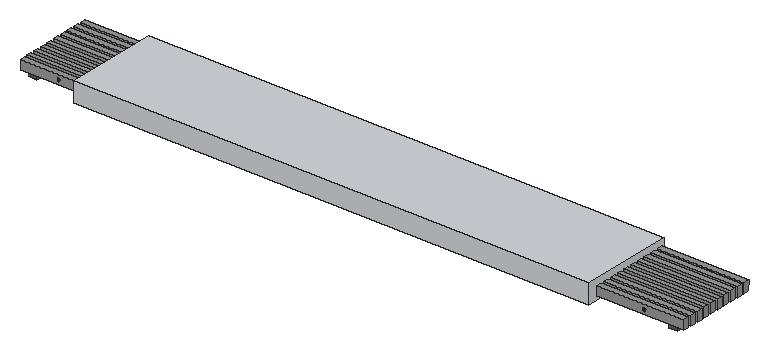
Revit family "1212-10, Solid", category Generic Models, host Face, Revit 2020
Family settings
  Host = Face
  Can host rebar = No
  Round Connector Dimension = Use Diameter
  Part Type = Normal
  Cut with Voids When Loaded = No
  Shared = No
  Room Calculation Point = No
Parameters
  min_value [instance] = 1' - 11 1/4"  # constant formula
  max_value [instance] = 11' - 11 1/4"  # constant formula
  actual_value [instance] = if(NET LENGTH < min_value, min_value, if(NET LENGTH > max_value, max_value, NET LENGTH))  # 7' - 11 1/4"
  NET LENGTH [instance] = 7' - 11 1/4"
  IMPORTANT NOTE!!!                                                                             *Backer & dowel layout is for visualization purposes only, final layout to be determined by 9Wood. [instance] = ""
  Default Elevation = 4' - 0"
  DOWEL RADIUS [instance] = 0' - 0 1/4"  # constant formula
  BACKING M MATERIAL [instance] = BLACK-BACKERS
  .. MEMBER WIDTH [instance] = 0' - 0 3/4"  # constant formula
  .. MEMBER MATERIAL [instance] = Solid Western Hemlock
  .. MEMBER DEPTH [instance] = 0' - 1 3/8"  # constant formula
  .. MEMBER COUNT [instance] = 10  # constant formula
Reference planes (in)
  plane 1 "Center (Front/Back)": y = 0
  plane 2: z = 2.726
  plane 3 "Center (Left/Right)": x = 0
Forms (in)
  Extrusion 1, solid
    sketch origin (15, -0.86619, -0.99308) x (0, 1, 0) y (-1, 0, 0)
      loop
        line (3.42869, -23.66817) -> (3.42869, 50.25) -> (-10, 50.25) -> (-10, -23.66817) -> (3.42869, -23.66817)
    from 3.71908 to 1.00111
Dimensions and locks (in)
  aligned and locked: plane 2 to Extrusion 1
Nested families (in)
  nested 1: "1200 Series" at (-44, -2, 1.87867), NET LENGTH <- "actual_value", DOWEL RADII <- "DOWEL RADIUS", .. MEMBER WIDTH <- ".. MEMBER WIDTH", .. MEMBER DEPTH <- ".. MEMBER DEPTH", .. MEMBER MATERIAL <- ".. MEMBER MATERIAL", BACKING M MATERIAL <- "BACKING M MATERIAL", .. MEMBER COUNT <- ".. MEMBER COUNT", type "1200 Series"
    with X 7' - 4", WIDTH 1' - 0 1/16", Space 0' - 0 11/16", START 0' - 0 3/8", SCRIM MATERIAL SCRIM, SCRIM 3 8' - 1", SCRIM 2 0' - 0 7/8", SCRIM 1 0' - 0 3/32", SCRIM yes, NET LENGTH 7' - 11 1/4", N 8, INSET 3 0' - 0 3/16", INSET 0' - 1", INDEX 0' - 5 5/8", END BACKER yes, DOWEL RADII 0' - 0 1/4", DOWEL COUNT 8, BACKING M WIDTH 0' - 1 1/4", BACKING M MATERIAL BLACK-BACKERS, BACKING M LENGTH 0' - 11 7/8", BACKING M DEPTH 0' - 0 1/2", .. MEMBER WIDTH 0' - 0 3/4", .. MEMBER OC TYP 0' - 1.2", .. MEMBER MATERIAL Solid Western Hemlock, .. MEMBER DEPTH 0' - 1 3/8", .. MEMBER COUNT 10
Definition of nested family "1200 Series"
  Parameters (values of type "1200 Series")
    X [instance] = NET LENGTH - (0' 3 5/8" * 2)  # 6' - 2"
    WIDTH [instance] = 1' - 0 1/16"
    Space [instance] = 0' - 0 11/16"  # constant formula
    START [instance] = .. MEMBER WIDTH / 2  # 0' - 0 3/8"
    SCRIM MATERIAL [instance] = none
    SCRIM 3 [instance] = NET LENGTH + (SCRIM 2 * 2)  # 6' - 11"
    SCRIM 2 [instance] = 0' - 0 7/8"
    SCRIM 1 [instance] = 0' - 0 3/32"
    SCRIM [instance] = yes
    NET LENGTH [instance] = 6' - 9 1/4"
    N [instance] = if((X - (rounddown(X / 1' 0") * 1' 0")) > 1' 0", rounddown(X / 1' 0") + 2, rounddown(X / 1' 0") + 1)  # 7
    INSET 3 [instance] = 0' - 0 3/16"
    INSET [instance] = 0' - 1"
    INDEX [instance] = (NET LENGTH - ((N - 1) * 1' 0")) / 2  # 0' - 4 5/8"
    END BACKER [instance] = yes
    Default Elevation = 0' - 0"
    DOWEL RADII [instance] = 0' - 0 1/4"
    DOWEL COUNT [instance] = N  # 7
    BACKING M WIDTH [instance] = 0' - 1 1/4"
    BACKING M MATERIAL [instance] = none
    BACKING M LENGTH [instance] = 0' - 11 7/8"
    BACKING M DEPTH [instance] = 0' - 0 1/2"
    .. MEMBER WIDTH [instance] = 0' - 0 3/4"
    .. MEMBER OC TYP [instance] = 1' 0" / .. MEMBER COUNT  # 0' - 3"
    .. MEMBER MATERIAL [instance] = none
    .. MEMBER DEPTH [instance] = 0' - 1 3/8"
    .. MEMBER COUNT [instance] = 4
  Reference planes (in)
    plane 1 "Center (Front/Back)": y = -7.5
    plane 2: z = 0
    plane 3 "Center (Left/Right)": x = 0
    plane 4: x = 1
    plane 5: x = 4.625
    plane 6: x = 81.25
    plane 7: x = 80.25
    plane 8: x = 16.625
    plane 9: y = -7.3125
    plane 10: y = -4.125
    plane 11: y = -7.125
    plane 12: y = 4.5625
    plane 13: y = -4.5
    plane 14: y = -7.59375
    plane 15: x = 82.125
    plane 16: y = 4.65625
    plane 17: x = -0.875
    plane 18: z = -1.375
    plane 19: z = -0.6875
  Lines and regions (in)
    model lines
      curve 1: line (4.375, -7.5, -0.6875) -> (4.875, -7.5, -0.6875)
    model lines, not visible
      curve 2: line (4.625, -7.5, -0.9375) -> (4.625, -7.5, -0.4375)
      curve 3: line (4.375, -7.5, -0.6875) -> (4.875, -7.5, -0.6875)
      curve 4: line (16.625, -7.5, -0.9375) -> (16.625, -7.5, -0.4375)
      curve 5: line (16.375, -7.5, -0.6875) -> (16.875, -7.5, -0.6875)
      curve 6: line (28.625, -7.5, -0.9375) -> (28.625, -7.5, -0.4375)
      curve 7: line (28.375, -7.5, -0.6875) -> (28.875, -7.5, -0.6875)
      curve 8: line (40.625, -7.5, -0.9375) -> (40.625, -7.5, -0.4375)
      curve 9: line (40.375, -7.5, -0.6875) -> (40.875, -7.5, -0.6875)
      curve 10: line (52.625, -7.5, -0.9375) -> (52.625, -7.5, -0.4375)
      curve 11: line (52.375, -7.5, -0.6875) -> (52.875, -7.5, -0.6875)
      curve 12: line (64.625, -7.5, -0.9375) -> (64.625, -7.5, -0.4375)
      curve 13: line (64.375, -7.5, -0.6875) -> (64.875, -7.5, -0.6875)
      curve 14: line (76.625, -7.5, -0.9375) -> (76.625, -7.5, -0.4375)
      curve 15: line (76.375, -7.5, -0.6875) -> (76.875, -7.5, -0.6875)
  Dimensions and locks (in)
    "NET LENGTH": plane 3 "Center (Left/Right)" to plane 6
    "INSET": plane 7 to plane 6
    "INDEX": plane 3 "Center (Left/Right)" to plane 5
    plane 5 to plane 8 = 1' - 0"
    "INSET 3": plane 1 "Center (Front/Back)" to plane 9
    equal spacing: group 1, group 2, group 3, group 4  (x3)
    "START": plane 11 to plane 1 "Center (Front/Back)"
    ".. MEMBER OC TYP": plane 10 to plane 11
    "WIDTH": plane 12 to plane 1 "Center (Front/Back)"
    "START": plane 10 to plane 13
    "SCRIM 1": plane 14 to plane 1 "Center (Front/Back)"
    "SCRIM 2": plane 6 to plane 15
    "SCRIM 1": plane 12 to plane 16
    "SCRIM 2": plane 17 to plane 3 "Center (Left/Right)"
    "INSET": plane 3 "Center (Left/Right)" to plane 4
    equal spacing: group 5, group 6, group 7, group 8, group 9, group 10, group 11  (x3)
    "Space": plane 19 to plane 18
    aligned and locked: level to plane 2
    aligned and locked: nested 1 to plane 4  (x2)
    aligned and locked: plane 7 to nested 2
    aligned and locked: plane 5 to nested 3
    aligned and locked: nested 1 to plane 9
    aligned and locked: plane 1 "Center (Front/Back)" to nested 4
    aligned and locked: plane 9 to nested 2
    aligned and locked: plane 13 to nested 5
    aligned and locked: nested 3 to plane 9
    aligned and locked: plane 18 to nested 1
    aligned and locked: plane 19 to nested 3
    aligned and locked: curve 1 to plane 19
    aligned and locked: plane 8 to curve 4
    aligned and locked: curve 5 to plane 19
    aligned and locked: nested 4 to plane 18
  Automatic sketch dimensions
    curve 1 to curve 1 = 0' - 0 1/2"
    curve 1 to plane 5 = 0' - 0 1/4"
    plane 5 to curve 1 = 0' - 0 1/4"
    curve 3 to curve 2 = 0' - 0 1/4"  (x2)
    curve 2 to curve 3 = 0' - 0 1/4"  (x2)
    curve 5 to curve 4 = 0' - 0 1/4"  (x2)
    curve 4 to curve 5 = 0' - 0 1/4"  (x2)
    curve 7 to curve 6 = 0' - 0 1/4"  (x2)
    curve 6 to curve 7 = 0' - 0 1/4"  (x2)
    curve 9 to curve 8 = 0' - 0 1/4"  (x2)
    curve 8 to curve 9 = 0' - 0 1/4"  (x2)
    curve 11 to curve 10 = 0' - 0 1/4"  (x2)
    curve 10 to curve 11 = 0' - 0 1/4"  (x2)
    curve 13 to curve 12 = 0' - 0 1/4"  (x2)
    curve 12 to curve 13 = 0' - 0 1/4"  (x2)
    curve 15 to curve 14 = 0' - 0 1/4"  (x2)
    curve 14 to curve 15 = 0' - 0 1/4"  (x2)
  Nested families (in)
    nested 1: "INSTANCE - 2ND -  EXTEND SIDE H CENTER W - Parametric Cube" at (1, -1.375, -1.375) x (0, -1, 0) z (0, 0, 1), Width <- "BACKING M LENGTH", Length <- "BACKING M WIDTH", Material <- "BACKING M MATERIAL", Height <- "BACKING M DEPTH", visible <- "END BACKER", type "INSTANCE - 2ND -  EXTEND SIDE H CENTER W - Parametric Cube"
      with Width 0' - 11 7/8", Material none, Length 0' - 1 1/4", Height 0' - 0 1/2"
    nested 2: "INSTANCE - 2ND -  EXTEND SIDE H CENTER W - Parametric Cube" at (80.25, -1.375, -1.375) x (0, -1, 0) z (0, 0, 1), Width <- "BACKING M LENGTH", Length <- "BACKING M WIDTH", Material <- "BACKING M MATERIAL", Height <- "BACKING M DEPTH", visible <- "END BACKER", type "INSTANCE - 2ND -  EXTEND SIDE H CENTER W - Parametric Cube"
      with Width 0' - 11 7/8", Material none, Length 0' - 1 1/4", Height 0' - 0 1/2"
    nested 3: "Family3" at (-5.375, -7.3125, -0.6875), DOWEL RADII <- "DOWEL RADII", BACKING MEM MATERIAL <- "BACKING M MATERIAL", type "Family3"
      with DOWEL RADII 0' - 0 1/4", DOWEL LENGTH 0' - 11 7/8", BACKING MEM MATERIAL none
    nested 4: "HOLED MEMBER" at (0, -18.75, 6.19404), DOWEL RADII <- "DOWEL RADII", .. MEMBER LENGTH <- "NET LENGTH", DOWEL COUNT <- "DOWEL COUNT", DEPTH <- ".. MEMBER DEPTH", .. MEMBER WIDTH <- ".. MEMBER WIDTH", Material <- ".. MEMBER MATERIAL", DOWEL INDEX <- "INDEX", Space 2 <- "Space", type "HOLED MEMBER"
      with Width 0' - 6", Space 2 0' - 0 11/16", Material none, Length 1' - 0", Height 0' - 10.43096", DOWEL RADII 0' - 0 1/4", DOWEL OC DIST 1' - 0", DOWEL INDEX 0' - 4 5/8", DOWEL COUNT 7, DEPTH 0' - 1 3/8", .. MEMBER WIDTH 0' - 0 3/4", .. MEMBER LENGTH 6' - 9 1/4"
    nested 5: "HOLED MEMBER" at (0, -15.75, 6.19404), DOWEL RADII <- "DOWEL RADII", .. MEMBER LENGTH <- "NET LENGTH", DOWEL COUNT <- "DOWEL COUNT", DEPTH <- ".. MEMBER DEPTH", .. MEMBER WIDTH <- ".. MEMBER WIDTH", Material <- ".. MEMBER MATERIAL", DOWEL INDEX <- "INDEX", Space 2 <- "Space", type "HOLED MEMBER"
      with Width 0' - 6", Space 2 0' - 0 11/16", Material none, Length 1' - 0", Height 0' - 10.43096", DOWEL RADII 0' - 0 1/4", DOWEL OC DIST 1' - 0", DOWEL INDEX 0' - 4 5/8", DOWEL COUNT 7, DEPTH 0' - 1 3/8", .. MEMBER WIDTH 0' - 0 3/4", .. MEMBER LENGTH 6' - 9 1/4"
    nested 6: "HOLED MEMBER" at (0, -12.75, 6.19404), DOWEL RADII <- "DOWEL RADII", .. MEMBER LENGTH <- "NET LENGTH", DOWEL COUNT <- "DOWEL COUNT", DEPTH <- ".. MEMBER DEPTH", .. MEMBER WIDTH <- ".. MEMBER WIDTH", Material <- ".. MEMBER MATERIAL", DOWEL INDEX <- "INDEX", Space 2 <- "Space", type "HOLED MEMBER"
      with Width 0' - 6", Space 2 0' - 0 11/16", Material none, Length 1' - 0", Height 0' - 10.43096", DOWEL RADII 0' - 0 1/4", DOWEL OC DIST 1' - 0", DOWEL INDEX 0' - 4 5/8", DOWEL COUNT 7, DEPTH 0' - 1 3/8", .. MEMBER WIDTH 0' - 0 3/4", .. MEMBER LENGTH 6' - 9 1/4"
    nested 7: "HOLED MEMBER" at (0, -9.75, 6.19404), DOWEL RADII <- "DOWEL RADII", .. MEMBER LENGTH <- "NET LENGTH", DOWEL COUNT <- "DOWEL COUNT", DEPTH <- ".. MEMBER DEPTH", .. MEMBER WIDTH <- ".. MEMBER WIDTH", Material <- ".. MEMBER MATERIAL", DOWEL INDEX <- "INDEX", Space 2 <- "Space", type "HOLED MEMBER"
      with Width 0' - 6", Space 2 0' - 0 11/16", Material none, Length 1' - 0", Height 0' - 10.43096", DOWEL RADII 0' - 0 1/4", DOWEL OC DIST 1' - 0", DOWEL INDEX 0' - 4 5/8", DOWEL COUNT 7, DEPTH 0' - 1 3/8", .. MEMBER WIDTH 0' - 0 3/4", .. MEMBER LENGTH 6' - 9 1/4"
    nested 8: "Family3" at (6.625, -7.3125, -0.6875), DOWEL RADII <- "DOWEL RADII", BACKING MEM MATERIAL <- "BACKING M MATERIAL", type "Family3"
      with DOWEL RADII 0' - 0 1/4", DOWEL LENGTH 0' - 11 7/8", BACKING MEM MATERIAL none
    nested 9: "Family3" at (18.625, -7.3125, -0.6875), DOWEL RADII <- "DOWEL RADII", BACKING MEM MATERIAL <- "BACKING M MATERIAL", type "Family3"
      with DOWEL RADII 0' - 0 1/4", DOWEL LENGTH 0' - 11 7/8", BACKING MEM MATERIAL none
    nested 10: "Family3" at (30.625, -7.3125, -0.6875), DOWEL RADII <- "DOWEL RADII", BACKING MEM MATERIAL <- "BACKING M MATERIAL", type "Family3"
      with DOWEL RADII 0' - 0 1/4", DOWEL LENGTH 0' - 11 7/8", BACKING MEM MATERIAL none
    nested 11: "Family3" at (42.625, -7.3125, -0.6875), DOWEL RADII <- "DOWEL RADII", BACKING MEM MATERIAL <- "BACKING M MATERIAL", type "Family3"
      with DOWEL RADII 0' - 0 1/4", DOWEL LENGTH 0' - 11 7/8", BACKING MEM MATERIAL none
    nested 12: "Family3" at (54.625, -7.3125, -0.6875), DOWEL RADII <- "DOWEL RADII", BACKING MEM MATERIAL <- "BACKING M MATERIAL", type "Family3"
      with DOWEL RADII 0' - 0 1/4", DOWEL LENGTH 0' - 11 7/8", BACKING MEM MATERIAL none
    nested 13: "Family3" at (66.625, -7.3125, -0.6875), DOWEL RADII <- "DOWEL RADII", BACKING MEM MATERIAL <- "BACKING M MATERIAL", type "Family3"
      with DOWEL RADII 0' - 0 1/4", DOWEL LENGTH 0' - 11 7/8", BACKING MEM MATERIAL none
  Definition of nested family "INSTANCE - 2ND -  EXTEND SIDE H CENTER W - Parametric Cube"
    Parameters (values of type "INSTANCE - 2ND -  EXTEND SIDE H CENTER W - Parametric Cube")
      Width [instance] = 0' - 6"
      Material [instance] = none
      Length [instance] = 1' - 0"
      Height [instance] = 1' - 6"
      Default Elevation = 0' - 0"
    Reference planes (in)
      plane 1 "Center (Front/Back)": y = 0
      plane 2: z = 0
      plane 3 "Center (Left/Right)": x = 0
      plane 4: x = -3
      plane 5: x = 3
      plane 6: y = 12
      plane 7: z = -18
    Forms (in)
      Extrusion 1, solid, material <- "Material"
        sketch origin (0, 6, 0) x (1, 0, 0) y (0, 1, 0)
          loop
            line (-3, 6) -> (-3, -6) -> (3, -6) -> (3, 6) -> (-3, 6)
        from -18 to 0
    Dimensions and locks (in)
      equal spacing: plane 4, plane 3 "Center (Left/Right)", plane 5
      "Width": plane 4 to plane 5
      "Height": plane 7 to level
      "Length": plane 1 "Center (Front/Back)" to plane 6
      aligned and locked: plane 2 to level
      aligned and locked: plane 4 to Extrusion 1 sketch curve
      aligned and locked: Extrusion 1 sketch curve to plane 5
      aligned and locked: Extrusion 1 to plane 7
      aligned and locked: plane 6 to Extrusion 1
    Automatic sketch dimensions
      plane 1 "Center (Front/Back)" to Extrusion 1 sketch curve = 0' - 0"
      plane 6 to Extrusion 1 sketch curve = 0' - 0"
  Definition of nested family "Family3"
    Parameters (values of type "Family3")
      Default Elevation = 0' - 0"
      DOWEL RADII [instance] = 0' - 0 5/8"
      DOWEL LENGTH [instance] = 0' - 5"
      BACKING MEM MATERIAL [instance] = none
    Reference planes (in)
      plane 1 "Center (Front/Back)": y = 0
      plane 2: z = 0
      plane 3 "Center (Left/Right)": x = 0
      plane 4: y = 5
    Forms (in)
      Extrusion 1, solid, material <- "BACKING MEM MATERIAL"
        sketch origin (10, 0, 0) x (1, 0, 0) y (0, 0, 1)
          loop
            circle (0, 0) r 0.625
        from 0 to -5
      Extrusion 2, solid, not visible
        sketch origin (0, 0, 0) x (1, 0, 0) y (0, 0, 1)
          loop
            circle (0, 0) r 0.625
        from 0 to 12
      Extrusion 3, solid, not visible
        sketch origin (10, 0, 0) x (1, 0, 0) y (0, 0, 1)
          loop
            circle (0, 0) r 0.625
        from 0 to 2.5
      Extrusion 4, solid, not visible
        sketch origin (10, 0, 0) x (1, 0, 0) y (0, 0, 1)
          loop
            circle (0, 0) r 0.625
        from 0 to -12
    Lines and regions (in)
      model lines, not visible
        curve 1: line (-13, 0, 0) -> (-13, -12, 0)
        curve 2: line (13, 0, 0) -> (13, -12, 0)
        curve 3: line (9.89453, 0, 0) -> (10.08794, 0, 0)
        curve 4: line (9.89453, -2.5, 0) -> (10.08794, -2.5, 0)
        curve 6: line (10, 0, 0) -> (10, 2, 0)
      model lines
        curve 5: line (10, 0, 0) -> (10, 2, 0)
    Dimensions and locks (in)
      "DOWEL LENGTH": plane 1 "Center (Front/Back)" to plane 4
      "DOWEL RADII": radius of Extrusion 1 sketch curve
      "DOWEL RADII": radius of Extrusion 2 sketch curve
      "DOWEL RADII": radius of Extrusion 3 sketch curve
      "DOWEL RADII": radius of Extrusion 4 sketch curve
      "DOWEL RADII": radius of Extrusion 1
      aligned and locked: plane 2 to level
      aligned and locked: Extrusion 1 to plane 1 "Center (Front/Back)"  (x3)
      aligned and locked: plane 1 "Center (Front/Back)" to Extrusion 1
      aligned and locked: plane 4 to Extrusion 1
    Automatic sketch dimensions
      plane 1 "Center (Front/Back)" to curve 5 = 0' - 0"
      curve 5 to plane 1 "Center (Front/Back)" = 0' - 2"
      plane 3 "Center (Left/Right)" to curve 5 = 0' - 10"
      Extrusion 1 sketch curve to level = 0' - 0"
      plane 3 "Center (Left/Right)" to Extrusion 1 sketch curve = 0' - 10"
  Definition of nested family "HOLED MEMBER"
    Parameters (values of type "HOLED MEMBER")
      Width [instance] = 0' - 6"
      Space 2 [instance] = 0' - 0 5/8"
      Space = 0' - 0 5/8"
      Material [instance] = none
      Length [instance] = 1' - 0"
      Height [instance] = 0' - 10.43096"
      Default Elevation = 0' - 0"
      DOWEL RADII [instance] = 0' - 0.34537"
      DOWEL OC DIST [instance] = 1' - 0"
      DOWEL INSET = 0' - 0 5/8"
      DOWEL INDEX [instance] = 0' - 5 5/8"
      DOWEL COUNT [instance] = 6
      DEPTH [instance] = 0' - 2"
      .. MEMBER WIDTH [instance] = 0' - 0 5/8"
      .. MEMBER LENGTH [instance] = 5' - 11 3/4"
    Reference planes (in)
      plane 1 "Center (Front/Back)": y = 12
      plane 2: z = -7.56904
      plane 3 "Center (Left/Right)": x = 0
      plane 4: x = 5.625
      plane 5: x = 17.625
      plane 6: y = 11.375
      plane 7: x = 71.75
      plane 8: z = -6.94404
      plane 9: z = -5.56904
    Forms (in)
      Extrusion 1, solid, material <- "Material"
        sketch origin (0, 12, -13.56904) x (1, 0, 0) y (0, 0, 1)
          loop
            line (0, 6) -> (71.75, 6) -> (71.75, 8) -> (0, 8) -> (0, 6)
        from 0.625 to 0
      Extrusion 2, void
        sketch origin (0, 12, -18.31904) x (1, 0, 0) y (0, 0, 1)
          loop
            circle (5.625, 11.375) r 0.34537
        from 0 to 12
      Extrusion 3, void, not visible
        sketch origin (0, 1.25, 0) x (1, 0, 0) y (0, 1, 0)
          loop
            circle (5.625, 11.375) r 0.34537
        from 0 to 12
      Extrusion 4, void, not visible
        sketch origin (0, 1.25, 0) x (1, 0, 0) y (0, 1, 0)
          loop
            circle (5.625, 11.375) r 0.34537
        from 0 to 12
      Extrusion 5, void, not visible
        sketch origin (12, 1.25, 0) x (1, 0, 0) y (0, 1, 0)
          loop
            circle (5.625, 11.375) r 0.34537
        from 0 to 12
      Extrusion 6, void, not visible
        sketch origin (0, 12, -16.31904) x (1, 0, 0) y (0, 0, 1)
          loop
            circle (5.625, 11.375) r 0.34537
        from 0 to 12
      Extrusion 7, void, not visible
        sketch origin (12, 12, -16.31904) x (1, 0, 0) y (0, 0, 1)
          loop
            circle (5.625, 11.375) r 0.34537
        from 0 to 12
      Extrusion 8, void, not visible
        sketch origin (0, 12, -18.31904) x (1, 0, 0) y (0, 0, 1)
          loop
            circle (5.625, 11.375) r 0.34537
        from 0 to 12
      Extrusion 9, void
        sketch origin (12, 12, -18.31904) x (1, 0, 0) y (0, 0, 1)
          loop
            circle (5.625, 11.375) r 0.34537
        from 0 to 12
      Extrusion 10, void, not visible
        sketch origin (24, 12, -16.31904) x (1, 0, 0) y (0, 0, 1)
          loop
            circle (5.625, 11.375) r 0.34537
        from 0 to 12
      Extrusion 11, void, not visible
        sketch origin (36, 12, -16.31904) x (1, 0, 0) y (0, 0, 1)
          loop
            circle (5.625, 11.375) r 0.34537
        from 0 to 12
      Extrusion 12, void, not visible
        sketch origin (48, 12, -16.31904) x (1, 0, 0) y (0, 0, 1)
          loop
            circle (5.625, 11.375) r 0.34537
        from 0 to 12
      Extrusion 13, void, not visible
        sketch origin (60, 12, -16.31904) x (1, 0, 0) y (0, 0, 1)
          loop
            circle (5.625, 11.375) r 0.34537
        from 0 to 12
      Extrusion 14, void, not visible
        sketch origin (24, 1.25, 0) x (1, 0, 0) y (0, 1, 0)
          loop
            circle (5.625, 11.375) r 0.34537
        from 0 to 12
      Extrusion 15, void, not visible
        sketch origin (36, 1.25, 0) x (1, 0, 0) y (0, 1, 0)
          loop
            circle (5.625, 11.375) r 0.34537
        from 0 to 12
      Extrusion 16, void, not visible
        sketch origin (48, 1.25, 0) x (1, 0, 0) y (0, 1, 0)
          loop
            circle (5.625, 11.375) r 0.34537
        from 0 to 12
      Extrusion 17, void, not visible
        sketch origin (60, 1.25, 0) x (1, 0, 0) y (0, 1, 0)
          loop
            circle (5.625, 11.375) r 0.34537
        from 0 to 12
      Extrusion 18, void
        sketch origin (24, 12, -18.31904) x (1, 0, 0) y (0, 0, 1)
          loop
            circle (5.625, 11.375) r 0.34537
        from 0 to 12
      Extrusion 19, void
        sketch origin (36, 12, -18.31904) x (1, 0, 0) y (0, 0, 1)
          loop
            circle (5.625, 11.375) r 0.34537
        from 0 to 12
      Extrusion 20, void
        sketch origin (48, 12, -18.31904) x (1, 0, 0) y (0, 0, 1)
          loop
            circle (5.625, 11.375) r 0.34537
        from 0 to 12
      Extrusion 21, void
        sketch origin (60, 12, -18.31904) x (1, 0, 0) y (0, 0, 1)
          loop
            circle (5.625, 11.375) r 0.34537
        from 0 to 12
    Cuts and joins
      Extrusion 2, Extrusion 9, Extrusion 18, Extrusion 19, Extrusion 20, Extrusion 21 cuts Extrusion 1
    Lines and regions (in)
      model lines, not visible
        curve 1: line (5.625, 11.72037, 0) -> (5.625, 11.02963, 0)
        curve 2: line (5.625, 11.72037, 0) -> (5.625, 11.02963, 0)
        curve 3: line (17.625, 11.72037, 0) -> (17.625, 11.02963, 0)
        curve 4: line (5.625, 12, -7.56904) -> (5.625, 11.87317, -7.56904)
        curve 5: line (5.625, 11.87317, -7.56904) -> (5.06195, 11.87317, -7.56904)
        curve 6: line (5.06195, 11.87317, -7.56904) -> (5.27963, 11.375, -7.56904)
        curve 7: line (0, 12, -6.19404) -> (0, 11.61951, -6.19404)
        curve 8: line (0, 11.375, -8.19404) -> (0, 11.6747, -8.19404)
        curve 9: line (5.625, 12, -7.56904) -> (5.625, 11.69863, -7.56904)
        curve 11: line (5.625, 12, 0) -> (5.625, 12, 0.30137)
        curve 12: line (5.625, 12, 0) -> (5.625, 12, 0.30137)
        curve 13: line (17.625, 12, 0) -> (17.625, 12, 0.30137)
        curve 14: line (5.625, 12, -5.56904) -> (5.625, 11.69863, -5.56904)
        curve 15: line (17.625, 12, -5.56904) -> (17.625, 11.69863, -5.56904)
        curve 16: line (5.625, 12, -7.56904) -> (5.625, 11.69863, -7.56904)
        curve 18: line (29.625, 12, -5.56904) -> (29.625, 11.69863, -5.56904)
        curve 19: line (41.625, 12, -5.56904) -> (41.625, 11.69863, -5.56904)
        curve 20: line (53.625, 12, -5.56904) -> (53.625, 11.69863, -5.56904)
        curve 21: line (65.625, 12, -5.56904) -> (65.625, 11.69863, -5.56904)
        curve 22: line (29.625, 11.72037, 0) -> (29.625, 11.02963, 0)
        curve 23: line (29.625, 12, 0) -> (29.625, 12, 0.30137)
        curve 24: line (41.625, 11.72037, 0) -> (41.625, 11.02963, 0)
        curve 25: line (41.625, 12, 0) -> (41.625, 12, 0.30137)
        curve 26: line (53.625, 11.72037, 0) -> (53.625, 11.02963, 0)
        curve 27: line (53.625, 12, 0) -> (53.625, 12, 0.30137)
        curve 28: line (65.625, 11.72037, 0) -> (65.625, 11.02963, 0)
        curve 29: line (65.625, 12, 0) -> (65.625, 12, 0.30137)
        curve 35: line (5.27963, 12.625, 0) -> (5.97037, 12.625, 0)
        curve 36: line (5.27963, 12.625, 0) -> (5.97037, 12.625, 0)
        curve 37: line (17.27963, 12.625, 0) -> (17.97037, 12.625, 0)
        curve 38: line (5.27963, 12, -4.94404) -> (5.97037, 12, -4.94404)
        curve 39: line (17.27963, 12, -4.94404) -> (17.97037, 12, -4.94404)
        curve 40: line (5.27963, 12, -6.94404) -> (5.97037, 12, -6.94404)
        curve 42: line (29.27963, 12, -4.94404) -> (29.97037, 12, -4.94404)
        curve 43: line (41.27963, 12, -4.94404) -> (41.97037, 12, -4.94404)
        curve 44: line (53.27963, 12, -4.94404) -> (53.97037, 12, -4.94404)
        curve 45: line (65.27963, 12, -4.94404) -> (65.97037, 12, -4.94404)
        curve 46: line (29.27963, 12.625, 0) -> (29.97037, 12.625, 0)
        curve 47: line (41.27963, 12.625, 0) -> (41.97037, 12.625, 0)
        curve 48: line (53.27963, 12.625, 0) -> (53.97037, 12.625, 0)
        curve 49: line (65.27963, 12.625, 0) -> (65.97037, 12.625, 0)
        curve 54: line (0, 12, -6.94404) -> (0, 4.22059, -6.94404)
        curve 55: line (0, 12.625, 0) -> (0, 12.625, 7.77941)
        curve 56: line (0, 12.625, 0) -> (0, 12.625, 7.77941)
        curve 57: line (12, 12.625, 0) -> (12, 12.625, 7.77941)
        curve 58: line (0, 12, -4.94404) -> (0, 4.22059, -4.94404)
        curve 59: line (12, 12, -4.94404) -> (12, 4.22059, -4.94404)
        curve 60: line (0, 12, -6.94404) -> (0, 4.22059, -6.94404)
        curve 61: line (12, 12, -6.94404) -> (12, 4.22059, -6.94404)
        curve 62: line (24, 12, -4.94404) -> (24, 4.22059, -4.94404)
        curve 63: line (36, 12, -4.94404) -> (36, 4.22059, -4.94404)
        curve 64: line (48, 12, -4.94404) -> (48, 4.22059, -4.94404)
        curve 65: line (60, 12, -4.94404) -> (60, 4.22059, -4.94404)
        curve 66: line (24, 12.625, 0) -> (24, 12.625, 7.77941)
        curve 67: line (36, 12.625, 0) -> (36, 12.625, 7.77941)
        curve 68: line (48, 12.625, 0) -> (48, 12.625, 7.77941)
        curve 69: line (60, 12.625, 0) -> (60, 12.625, 7.77941)
        curve 70: line (24, 12, -6.94404) -> (24, 4.22059, -6.94404)
        curve 71: line (36, 12, -6.94404) -> (36, 4.22059, -6.94404)
        curve 72: line (48, 12, -6.94404) -> (48, 4.22059, -6.94404)
        curve 73: line (60, 12, -6.94404) -> (60, 4.22059, -6.94404)
      model lines
        curve 10: line (5.625, 12, -7.56904) -> (5.625, 11.69863, -7.56904)
        curve 17: line (17.625, 12, -7.56904) -> (17.625, 11.69863, -7.56904)
        curve 30: line (29.625, 12, -7.56904) -> (29.625, 11.69863, -7.56904)
        curve 31: line (41.625, 12, -7.56904) -> (41.625, 11.69863, -7.56904)
        curve 32: line (53.625, 12, -7.56904) -> (53.625, 11.69863, -7.56904)
        curve 33: line (65.625, 12, -7.56904) -> (65.625, 11.69863, -7.56904)
        curve 34: line (5.27963, 12, -6.94404) -> (5.97037, 12, -6.94404)
        curve 41: line (17.27963, 12, -6.94404) -> (17.97037, 12, -6.94404)
        curve 50: line (29.27963, 12, -6.94404) -> (29.97037, 12, -6.94404)
        curve 51: line (41.27963, 12, -6.94404) -> (41.97037, 12, -6.94404)
        curve 52: line (53.27963, 12, -6.94404) -> (53.97037, 12, -6.94404)
        curve 53: line (65.27963, 12, -6.94404) -> (65.97037, 12, -6.94404)
    Dimensions and locks (in)
      "DOWEL INDEX": plane 3 "Center (Left/Right)" to plane 4
      "DOWEL OC DIST": plane 4 to plane 5
      ".. MEMBER LENGTH": plane 3 "Center (Left/Right)" to plane 7
      equal spacing: group 3, group 4, group 17, group 18, group 19, group 20  (x3)
      equal spacing: group 7, group 8, group 13, group 14, group 15, group 16  (x3)
      equal spacing: group 1, group 12, group 21, group 22, group 23, group 24  (x3)
      ".. MEMBER WIDTH": plane 6 to plane 1 "Center (Front/Back)"
      "DEPTH": plane 9 to level
      "Space 2": plane 8 to level
      "DOWEL RADII": radius of Extrusion 2 sketch curve
      "DOWEL RADII": radius of Extrusion 3 sketch curve
      "DOWEL RADII": radius of Extrusion 4 sketch curve
      "DOWEL RADII": radius of Extrusion 5 sketch curve
      "DOWEL RADII": radius of Extrusion 6 sketch curve
      "DOWEL RADII": radius of Extrusion 7 sketch curve
      "DOWEL RADII": radius of Extrusion 8 sketch curve
      "DOWEL RADII": radius of Extrusion 9 sketch curve
      "DOWEL RADII": radius of Extrusion 10 sketch curve
      "DOWEL RADII": radius of Extrusion 11 sketch curve
      "DOWEL RADII": radius of Extrusion 12 sketch curve
      "DOWEL RADII": radius of Extrusion 13 sketch curve
      "DOWEL RADII": radius of Extrusion 14 sketch curve
      "DOWEL RADII": radius of Extrusion 15 sketch curve
      "DOWEL RADII": radius of Extrusion 16 sketch curve
      "DOWEL RADII": radius of Extrusion 17 sketch curve
      "DOWEL RADII": radius of Extrusion 18 sketch curve
      "DOWEL RADII": radius of Extrusion 19 sketch curve
      "DOWEL RADII": radius of Extrusion 20 sketch curve
      "DOWEL RADII": radius of Extrusion 21 sketch curve
      aligned and locked: level to plane 2
      aligned and locked: Extrusion 1 to plane 3 "Center (Left/Right)"  (x2)
      aligned and locked: plane 7 to cut or joined group of Extrusion 1, Extrusion 2, Extrusion 9, Extrusion 18, Extrusion 19, Extrusion 20, Extrusion 21  (x2)
      aligned and locked: cut or joined group of Extrusion 1, Extrusion 2, Extrusion 9, Extrusion 18, Extrusion 19, Extrusion 20, Extrusion 21 to plane 1 "Center (Front/Back)"  (x2)
      aligned and locked: cut or joined group of Extrusion 1, Extrusion 2, Extrusion 9, Extrusion 18, Extrusion 19, Extrusion 20, Extrusion 21 to plane 6  (x2)
      aligned and locked: plane 4 to curve 10
      aligned and locked: plane 5 to curve 17
      aligned and locked: plane 9 to cut or joined group of Extrusion 1, Extrusion 2, Extrusion 9, Extrusion 18, Extrusion 19, Extrusion 20, Extrusion 21  (x2)
      aligned and locked: cut or joined group of Extrusion 1, Extrusion 2, Extrusion 9, Extrusion 18, Extrusion 19, Extrusion 20, Extrusion 21 to level
      aligned and locked: plane 8 to Extrusion 2
      aligned and locked: curve 34 to plane 8
      aligned and locked: curve 41 to plane 8
      aligned and locked: level to curve 10
      aligned and locked: curve 10 to level
      aligned and locked: plane 8 to cut or joined group of Extrusion 1, Extrusion 2, Extrusion 9, Extrusion 18, Extrusion 19, Extrusion 20, Extrusion 21
      aligned and locked: curve 54 to plane 8
    Automatic sketch dimensions
      curve 1 to curve 1 = 0' - 0.69074"
      curve 2 to curve 2 = 0' - 0.69074"
      curve 3 to curve 3 = 0' - 0.69074"
      Extrusion 1 sketch curve to plane 3 "Center (Left/Right)" = 0' - 0"
      Extrusion 1 sketch curve to plane 7 = 0' - 0"
      Extrusion 1 sketch curve to Extrusion 1 sketch curve = 0' - 2"
      level to Extrusion 1 sketch curve = 0' - 0"
      curve 9 to curve 9 = 0' - 0.30137"
      curve 10 to curve 10 = 0' - 0.30137"
      curve 11 to curve 11 = 0' - 0.30137"
      curve 12 to curve 12 = 0' - 0.30137"
      curve 13 to curve 13 = 0' - 0.30137"
      curve 14 to curve 14 = 0' - 0.30137"
      curve 15 to curve 15 = 0' - 0.30137"
      curve 16 to curve 16 = 0' - 0.30137"
      curve 17 to curve 17 = 0' - 0.30137"
      curve 18 to curve 18 = 0' - 0.30137"
      curve 19 to curve 19 = 0' - 0.30137"
      curve 20 to curve 20 = 0' - 0.30137"
      curve 21 to curve 21 = 0' - 0.30137"
      curve 22 to curve 22 = 0' - 0.69074"
      curve 23 to curve 23 = 0' - 0.30137"
      curve 24 to curve 24 = 0' - 0.69074"
      curve 25 to curve 25 = 0' - 0.30137"
      curve 26 to curve 26 = 0' - 0.69074"
      curve 27 to curve 27 = 0' - 0.30137"
      curve 28 to curve 28 = 0' - 0.69074"
      curve 29 to curve 29 = 0' - 0.30137"
      curve 30 to curve 30 = 0' - 0.30137"
      curve 31 to curve 31 = 0' - 0.30137"
      curve 32 to curve 32 = 0' - 0.30137"
      curve 33 to curve 33 = 0' - 0.30137"
      curve 34 to curve 34 = 0' - 0.69074"
      curve 35 to curve 35 = 0' - 0.69074"
      curve 36 to curve 36 = 0' - 0.69074"
      curve 37 to curve 37 = 0' - 0.69074"
      curve 38 to curve 38 = 0' - 0.69074"
      curve 39 to curve 39 = 0' - 0.69074"
      curve 40 to curve 40 = 0' - 0.69074"
      curve 41 to curve 41 = 0' - 0.69074"
      curve 42 to curve 42 = 0' - 0.69074"
      curve 43 to curve 43 = 0' - 0.69074"
      curve 44 to curve 44 = 0' - 0.69074"
      curve 45 to curve 45 = 0' - 0.69074"
      curve 46 to curve 46 = 0' - 0.69074"
      curve 47 to curve 47 = 0' - 0.69074"
      curve 48 to curve 48 = 0' - 0.69074"
      curve 49 to curve 49 = 0' - 0.69074"
      curve 50 to curve 50 = 0' - 0.69074"
      curve 51 to curve 51 = 0' - 0.69074"
      curve 52 to curve 52 = 0' - 0.69074"
      curve 53 to curve 53 = 0' - 0.69074"
      curve 54 to curve 54 = 0' - 7.77941"
      curve 55 to curve 55 = 0' - 7.77941"
      curve 56 to curve 56 = 0' - 7.77941"
      curve 57 to curve 57 = 0' - 7.77941"
      curve 58 to curve 58 = 0' - 7.77941"
      curve 59 to curve 59 = 0' - 7.77941"
      curve 60 to curve 60 = 0' - 7.77941"
      curve 61 to curve 61 = 0' - 7.77941"
      curve 62 to curve 62 = 0' - 7.77941"
      curve 63 to curve 63 = 0' - 7.77941"
      curve 64 to curve 64 = 0' - 7.77941"
      curve 65 to curve 65 = 0' - 7.77941"
      curve 66 to curve 66 = 0' - 7.77941"
      curve 67 to curve 67 = 0' - 7.77941"
      curve 68 to curve 68 = 0' - 7.77941"
      curve 69 to curve 69 = 0' - 7.77941"
      curve 70 to curve 70 = 0' - 7.77941"
      curve 71 to curve 71 = 0' - 7.77941"
      curve 72 to curve 72 = 0' - 7.77941"
      curve 73 to curve 73 = 0' - 7.77941"
